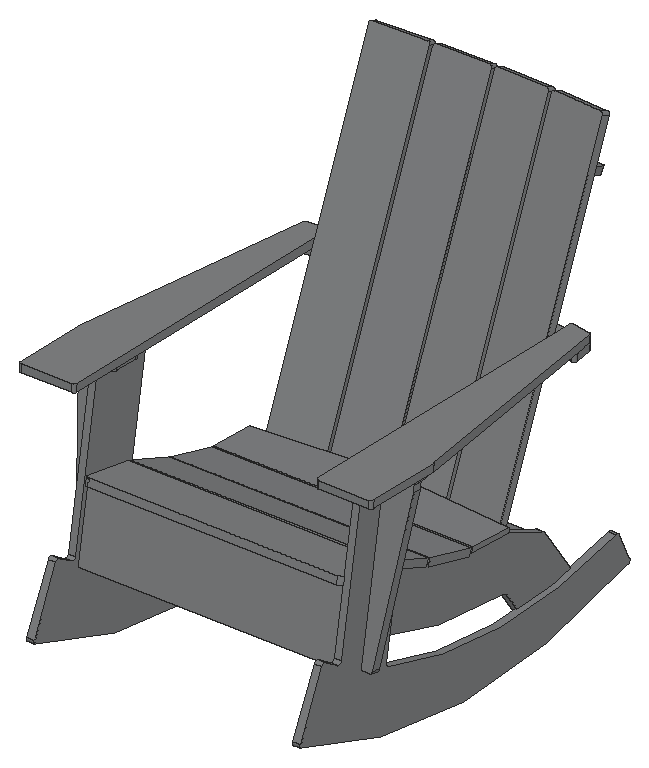
Revit family "Lollygagger Adirondack 4 Slat Rocker", category Furniture, Revit 2016 (continued)
Automatic sketch dimensions
  Masking region 2 sketch curve to Masking region 2 sketch curve = 2.80321"  (x2)
  Masking region 2 sketch curve to Masking region 2 sketch curve = 0.01062"  (x4)
  Masking region 2 sketch curve to Masking region 2 sketch curve = 3.04765"
  Masking region 2 sketch curve to Masking region 2 sketch curve = 0.00559"
  Masking region 2 sketch curve to Masking region 2 sketch curve = 1.37386"  (x2)
  Masking region 2 sketch curve to Masking region 2 sketch curve = 0.03479"  (x2)
  Masking region 2 sketch curve to Masking region 2 sketch curve = 0.05058"  (x2)
  Masking region 2 sketch curve to Masking region 2 sketch curve = 0.17851"  (x2)
  Masking region 2 sketch curve to Masking region 2 sketch curve = 0.05017"  (x2)
  Masking region 2 sketch curve to Masking region 2 sketch curve = 0.43314"  (x2)
  Masking region 2 sketch curve to Masking region 2 sketch curve = 1.85095"  (x2)
  Masking region 2 sketch curve to Masking region 2 sketch curve = 1.84517"
  Masking region 2 sketch curve to Masking region 2 sketch curve = 0.0002"
  Masking region 2 sketch curve to Masking region 2 sketch curve = 0.00564"
  Masking region 2 sketch curve to Masking region 2 sketch curve = 2.13584"  (x2)
  Masking region 2 sketch curve to Masking region 2 sketch curve = 0.00907"  (x2)
  Masking region 2 sketch curve to plane 6 = 2.07705"
  Masking region 2 sketch curve to Masking region 2 sketch curve = 0.00928"
  Masking region 2 sketch curve to Masking region 2 sketch curve = 0.17594"  (x2)
  Masking region 2 sketch curve to Masking region 2 sketch curve = 0.12588"  (x2)
  Masking region 2 sketch curve to plane 6 = 0.79076"  (x2)
  plane 6 to Masking region 2 sketch curve = 0.11073"
  Masking region 2 sketch curve to Masking region 2 sketch curve = 0.16313"  (x2)
  Masking region 2 sketch curve to Masking region 2 sketch curve = 0.0071"  (x2)
  Masking region 2 sketch curve to plane 6 = 0.56905"
  Masking region 2 sketch curve to Masking region 2 sketch curve = 0.0327"  (x2)
  Masking region 2 sketch curve to Masking region 2 sketch curve = 0.22932"
  Extrusion 33 sketch curve to plane 3 "Center Left/Right" = 0"
  Extrusion 33 sketch curve to plane 12 = 0"
  Extrusion 33 sketch curve to Extrusion 33 sketch curve = 55.16647"
  Extrusion 33 sketch curve to Extrusion 33 sketch curve = 3.8251"
  plane 13 to Extrusion 34 sketch curve = 5/8"
  Extrusion 34 sketch curve to Extrusion 34 sketch curve = 1/8"  (x2)
  Extrusion 34 sketch curve to plane 12 = 3/8"
  Extrusion 34 sketch curve to Extrusion 34 sketch curve = 2 13/16"
  plane 12 to Masking region 1 sketch curve = 0"
  Masking region 1 sketch curve to plane 11 = 0"  (x4)
  Masking region 1 sketch curve to plane 10 = 0"
  Masking region 1 sketch curve to level = 0"
  plane 8 to Masking region 1 sketch curve = 0"
  Masking region 1 sketch curve to plane 15 = 0"
  plane 4 to Masking region 1 sketch curve = 0"
  Masking region 1 sketch curve to Masking region 1 sketch curve = 0.18748"
  plane 9 to Masking region 1 sketch curve = 0.99309"
  Masking region 1 sketch curve to plane 12 = 97/128"
  Masking region 1 sketch curve to plane 12 = 0.97633"
  Masking region 1 sketch curve to Masking region 1 sketch curve = 0.21851"
  Masking region 1 sketch curve to Masking region 1 sketch curve = 0.3296"
  Masking region 1 sketch curve to Masking region 1 sketch curve = 4.27545"
  Masking region 1 sketch curve to plane 3 "Center Left/Right" = 5.17077"
  Masking region 1 sketch curve to Masking region 1 sketch curve = 0.24785"  (x2)
  Masking region 1 sketch curve to Masking region 1 sketch curve = 4.8529"
  plane 15 to Masking region 1 sketch curve = 0.00171"  (x4)
  Masking region 1 sketch curve to Masking region 1 sketch curve = 0.21955"  (x6)
  Masking region 1 sketch curve to Masking region 1 sketch curve = 0.02789"  (x2)
  Masking region 1 sketch curve to Masking region 1 sketch curve = 0.24975"  (x2)
  Masking region 1 sketch curve to plane 3 "Center Left/Right" = 0.36538"
  Masking region 1 sketch curve to plane 3 "Center Left/Right" = 0.11562"  (x2)
  Masking region 1 sketch curve to plane 3 "Center Left/Right" = 0.11554"
  Masking region 1 sketch curve to plane 3 "Center Left/Right" = 0.00007"  (x2)
  Masking region 1 sketch curve to plane 3 "Center Left/Right" = 0.01116"
  plane 3 "Center Left/Right" to Masking region 1 sketch curve = 0.11554"
  plane 3 "Center Left/Right" to Masking region 1 sketch curve = 0.11562"  (x2)
  Masking region 1 sketch curve to Masking region 1 sketch curve = 0.24984"
  Masking region 1 sketch curve to Masking region 1 sketch curve = 4.3082"
  Masking region 1 sketch curve to Masking region 1 sketch curve = 4.8356"
  Masking region 1 sketch curve to Masking region 1 sketch curve = 0"  (x15)
  plane 13 to Masking region 1 sketch curve = 1.30593"
  plane 13 to Masking region 1 sketch curve = 0.97633"  (x2)
  Masking region 1 sketch curve to Masking region 1 sketch curve = 0.24096"
  plane 13 to Masking region 1 sketch curve = 5/8"
  plane 13 to Masking region 1 sketch curve = 0.37121"
  Masking region 1 sketch curve to plane 8 = 0.78889"
  Masking region 1 sketch curve to Masking region 1 sketch curve = 0.24449"
  plane 4 to Masking region 1 sketch curve = 49/64"
  Masking region 1 sketch curve to Masking region 1 sketch curve = 0.57801"
  Masking region 1 sketch curve to Masking region 1 sketch curve = 1.96018"
  Masking region 1 sketch curve to Masking region 1 sketch curve = 1.9603"
  Masking region 1 sketch curve to Masking region 1 sketch curve = 0.14747"
  Masking region 1 sketch curve to Masking region 1 sketch curve = 0.18468"
  Masking region 1 sketch curve to Masking region 1 sketch curve = 7.37357"
  Masking region 1 sketch curve to Masking region 1 sketch curve = 0.05514"  (x2)
  Masking region 1 sketch curve to plane 15 = 6.84093"
  Masking region 1 sketch curve to plane 15 = 6.7858"
  Masking region 1 sketch curve to Masking region 1 sketch curve = 0.8038"
  Masking region 1 sketch curve to plane 15 = 0.69222"
  plane 10 to Masking region 1 sketch curve = 8.78201"
  Masking region 1 sketch curve to Masking region 1 sketch curve = 0.00196"  (x4)
  Masking region 1 sketch curve to Masking region 1 sketch curve = 0.0857"
  Masking region 1 sketch curve to Masking region 1 sketch curve = 0.08198"
  Masking region 1 sketch curve to Masking region 1 sketch curve = 1.36101"  (x2)
  Masking region 1 sketch curve to Masking region 1 sketch curve = 1.36102"
  Masking region 1 sketch curve to Masking region 1 sketch curve = 0.00372"  (x3)
  Masking region 1 sketch curve to Masking region 1 sketch curve = 3.4168"  (x2)
  Masking region 1 sketch curve to Masking region 1 sketch curve = 0.21383"  (x2)
  Masking region 1 sketch curve to Masking region 1 sketch curve = 0.00473"  (x2)
  Masking region 1 sketch curve to Masking region 1 sketch curve = 0.03617"  (x2)
  Masking region 1 sketch curve to Masking region 1 sketch curve = 3.86567"
  Masking region 1 sketch curve to Masking region 1 sketch curve = 0.2267"  (x2)
  Masking region 1 sketch curve to Masking region 1 sketch curve = 0.24348"  (x2)
  Masking region 1 sketch curve to Masking region 1 sketch curve = 0.42319"  (x2)
  Masking region 1 sketch curve to Masking region 1 sketch curve = 0.22231"
  Masking region 1 sketch curve to Masking region 1 sketch curve = 0.24759"
  plane 12 to Masking region 1 sketch curve = 0.00379"
  Masking region 1 sketch curve to Masking region 1 sketch curve = 0.23751"
  Masking region 1 sketch curve to Masking region 1 sketch curve = 0.00073"  (x2)
  Masking region 1 sketch curve to Masking region 1 sketch curve = 0.00043"  (x2)
  Masking region 1 sketch curve to Masking region 1 sketch curve = 0.23635"  (x3)
  Masking region 1 sketch curve to Masking region 1 sketch curve = 0.24831"  (x2)
  Masking region 1 sketch curve to Masking region 1 sketch curve = 0.00152"
  Masking region 1 sketch curve to Masking region 1 sketch curve = 0.00008"  (x2)
  Masking region 1 sketch curve to Masking region 1 sketch curve = 0.00144"
  Masking region 1 sketch curve to plane 13 = 0.00379"
  Masking region 1 sketch curve to Masking region 1 sketch curve = 1/4"
  Masking region 1 sketch curve to Masking region 1 sketch curve = 0.00071"
  Masking region 1 sketch curve to Masking region 1 sketch curve = 0.06425"
  Masking region 1 sketch curve to Masking region 1 sketch curve = 0.02471"  (x2)
  Masking region 1 sketch curve to Masking region 1 sketch curve = 0.23097"  (x2)
  Masking region 1 sketch curve to Masking region 1 sketch curve = 0.00025"  (x2)
  Masking region 3 sketch curve to plane 6 = 7.57349"
  Masking region 3 sketch curve to Masking region 3 sketch curve = 3.26526"
  Masking region 3 sketch curve to plane 6 = 2.95713"
  Masking region 3 sketch curve to Masking region 3 sketch curve = 0.26136"
  Masking region 3 sketch curve to Masking region 3 sketch curve = 0.21535"
  Masking region 3 sketch curve to Masking region 3 sketch curve = 1.1312"
  plane 10 to Masking region 3 sketch curve = 8.25367"
  Masking region 3 sketch curve to Masking region 3 sketch curve = 0.97412"
  Masking region 3 sketch curve to Masking region 3 sketch curve = 0.05583"
  Masking region 3 sketch curve to Masking region 3 sketch curve = 0.5199"
  plane 1 "Center Front/Back" to Masking region 3 sketch curve = 6.55904"
  plane 14 to Masking region 3 sketch curve = 3.42445"
  Masking region 3 sketch curve to Masking region 3 sketch curve = 0.12085"
  Masking region 3 sketch curve to Masking region 3 sketch curve = 0.96716"
  Masking region 3 sketch curve to Masking region 3 sketch curve = 0.21694"
  Masking region 3 sketch curve to Masking region 3 sketch curve = 0.04123"
  Masking region 3 sketch curve to Masking region 3 sketch curve = 0.12452"
  Masking region 3 sketch curve to Masking region 3 sketch curve = 0.40061"
  Masking region 3 sketch curve to Masking region 3 sketch curve = 0"  (x5)
  plane 14 to Masking region 3 sketch curve = 1.09544"
  Masking region 3 sketch curve to Masking region 3 sketch curve = 0.2462"  (x2)
  Masking region 3 sketch curve to plane 14 = 0.80418"
  Masking region 3 sketch curve to Masking region 3 sketch curve = 29/128"  (x3)
  plane 7 to Masking region 3 sketch curve = 0.22194"
  Masking region 3 sketch curve to plane 7 = 0.00463"
  Masking region 3 sketch curve to Masking region 3 sketch curve = 4.67927"
  Masking region 3 sketch curve to plane 1 "Center Front/Back" = 0.52052"
  Masking region 3 sketch curve to plane 1 "Center Front/Back" = 3.99488"
  Masking region 3 sketch curve to plane 6 = 2.10247"
  Masking region 3 sketch curve to plane 6 = 1.04076"
  level to Masking region 3 sketch curve = 9.25924"
  Masking region 3 sketch curve to Masking region 3 sketch curve = 0.10565"  (x4)
  Masking region 3 sketch curve to Masking region 3 sketch curve = 0.37333"
  Masking region 3 sketch curve to Masking region 3 sketch curve = 0.04341"  (x2)
  Masking region 3 sketch curve to Masking region 3 sketch curve = 2.25615"
  level to Masking region 3 sketch curve = 5.42473"
  level to Masking region 3 sketch curve = 4.32017"
  Masking region 3 sketch curve to Masking region 3 sketch curve = 2.27685"
  Masking region 3 sketch curve to Masking region 3 sketch curve = 9.41589"
  Masking region 3 sketch curve to Masking region 3 sketch curve = 3.8856"
  Masking region 3 sketch curve to plane 11 = 0"
  Masking region 4 sketch curve to Masking region 4 sketch curve = 0"  (x2)
  Masking region 4 sketch curve to plane 10 = 0"
  plane 14 to Masking region 4 sketch curve = 1.8248"
  Masking region 4 sketch curve to Masking region 4 sketch curve = 0.10708"
  Masking region 4 sketch curve to Masking region 4 sketch curve = 0.17887"
  Masking region 4 sketch curve to Masking region 4 sketch curve = 0.18032"
  plane 14 to Masking region 4 sketch curve = 6.06975"
  Masking region 4 sketch curve to Masking region 4 sketch curve = 4.91171"
  Masking region 4 sketch curve to Masking region 4 sketch curve = 3.77596"
  Masking region 4 sketch curve to Masking region 4 sketch curve = 0.13316"
  Masking region 4 sketch curve to Masking region 4 sketch curve = 0.15904"
  Masking region 4 sketch curve to Masking region 4 sketch curve = 0.15088"  (x2)
  Masking region 4 sketch curve to Masking region 4 sketch curve = 0.23636"
  Masking region 4 sketch curve to plane 1 "Center Front/Back" = 0.32976"
  Masking region 4 sketch curve to Masking region 4 sketch curve = 0.11136"
  Masking region 4 sketch curve to Masking region 4 sketch curve = 0.16892"
  Masking region 4 sketch curve to Masking region 4 sketch curve = 0.23543"
  Masking region 4 sketch curve to plane 1 "Center Front/Back" = 3.99488"
  Masking region 4 sketch curve to plane 1 "Center Front/Back" = 4 7/256"
  Masking region 4 sketch curve to Masking region 4 sketch curve = 0.20479"
  Masking region 4 sketch curve to Masking region 4 sketch curve = 4.31192"
  Masking region 4 sketch curve to Masking region 4 sketch curve = 1.21882"
  Masking region 4 sketch curve to Masking region 4 sketch curve = 1.16755"
  Masking region 4 sketch curve to Masking region 4 sketch curve = 1.92378"
  Masking region 4 sketch curve to Masking region 4 sketch curve = 0.09567"
  Masking region 4 sketch curve to Masking region 4 sketch curve = 0.10912"
  Masking region 4 sketch curve to plane 6 = 7.57349"
  Masking region 4 sketch curve to Masking region 4 sketch curve = 43/256"
  Masking region 4 sketch curve to Masking region 4 sketch curve = 0.61674"
  Masking region 4 sketch curve to Masking region 4 sketch curve = 0.14549"
  Masking region 4 sketch curve to plane 15 = 1.42014"
  Masking region 4 sketch curve to Masking region 4 sketch curve = 0.11116"
  Masking region 4 sketch curve to Masking region 4 sketch curve = 0.27939"
  Masking region 4 sketch curve to Masking region 4 sketch curve = 0.04829"
  Masking region 4 sketch curve to Masking region 4 sketch curve = 2.82215"
  Masking region 4 sketch curve to plane 15 = 0.72733"
  Masking region 4 sketch curve to Masking region 4 sketch curve = 0.37638"
  Masking region 4 sketch curve to Masking region 4 sketch curve = 1.603"
  Masking region 4 sketch curve to Masking region 4 sketch curve = 0.30057"
  Masking region 4 sketch curve to Masking region 4 sketch curve = 0.50481"
  Masking region 4 sketch curve to plane 6 = 2.95713"
  Masking region 4 sketch curve to Masking region 4 sketch curve = 0.26136"
  Masking region 4 sketch curve to Masking region 4 sketch curve = 0.21535"
  Masking region 4 sketch curve to Masking region 4 sketch curve = 0.48942"
  Masking region 4 sketch curve to Masking region 4 sketch curve = 0.85077"
  Masking region 4 sketch curve to plane 6 = 1.56378"
  Masking region 4 sketch curve to Masking region 4 sketch curve = 0.12588"
  Masking region 4 sketch curve to plane 6 = 0.19553"
  Masking region 4 sketch curve to plane 6 = 0.12648"
  Masking region 4 sketch curve to plane 6 = 0.11017"
  plane 6 to Masking region 4 sketch curve = 0.11073"
  Masking region 4 sketch curve to Masking region 4 sketch curve = 0.11573"
  Masking region 4 sketch curve to Masking region 4 sketch curve = 0.1164"
  Masking region 4 sketch curve to plane 15 = 6.7858"
  Masking region 4 sketch curve to Masking region 4 sketch curve = 0.03136"
  Masking region 4 sketch curve to Masking region 4 sketch curve = 0.93794"
  Masking region 4 sketch curve to Masking region 4 sketch curve = 1.53546"
  Masking region 4 sketch curve to Masking region 4 sketch curve = 0.07615"
  Masking region 4 sketch curve to Masking region 4 sketch curve = 0.01385"
  Masking region 4 sketch curve to Masking region 4 sketch curve = 1.05126"
  Masking region 4 sketch curve to Masking region 4 sketch curve = 0.83648"
  Masking region 4 sketch curve to Masking region 4 sketch curve = 0.08758"
  Masking region 4 sketch curve to Masking region 4 sketch curve = 5.41125"
  Masking region 4 sketch curve to Masking region 4 sketch curve = 3.8538"
  Masking region 4 sketch curve to Masking region 4 sketch curve = 0.14339"
  level to Masking region 4 sketch curve = 4 35/64"
  Masking region 4 sketch curve to Masking region 4 sketch curve = 1.74065"
  plane 10 to Masking region 4 sketch curve = 8.05094"
  Masking region 4 sketch curve to Masking region 4 sketch curve = 0.20273"
  Masking region 4 sketch curve to Masking region 4 sketch curve = 0.73106"
  Masking region 4 sketch curve to Masking region 4 sketch curve = 0.97412"
  Masking region 4 sketch curve to Masking region 4 sketch curve = 0.57823"
  Masking region 4 sketch curve to Masking region 4 sketch curve = 3.46226"
  Masking region 4 sketch curve to Masking region 4 sketch curve = 0.23524"
  Masking region 4 sketch curve to Masking region 4 sketch curve = 0.56248"
  Masking region 4 sketch curve to Masking region 4 sketch curve = 0.21846"
  Masking region 4 sketch curve to Masking region 4 sketch curve = 0.09092"
  Masking region 4 sketch curve to Masking region 4 sketch curve = 0.48659"
  plane 15 to Masking region 4 sketch curve = 0.08143"
  Masking region 4 sketch curve to Masking region 4 sketch curve = 0.04226"
  plane 15 to Masking region 4 sketch curve = 0.08107"
  curve 31 to plane 11 = 0"
  curve 30 to plane 11 = 0"
  curve 77 to plane 10 = 0"
  curve 34 to plane 15 = 0"
  curve 74 to plane 15 = 0"
  curve 73 to plane 15 = 0"
  curve 70 to plane 15 = 0"
  curve 65 to plane 15 = 0"
  plane 14 to curve 26 = 3.04776"
  curve 26 to curve 27 = 0.61528"
  plane 14 to curve 28 = 4.81114"
  curve 28 to curve 28 = 3 1/4"
  plane 1 "Center Front/Back" to curve 82 = 4.12757"
  curve 82 to plane 1 "Center Front/Back" = 0.48064"
  curve 81 to curve 85 = 4.20628"
  curve 81 to curve 85 = 0.10085"
  curve 76 to plane 15 = 1.29942"
  curve 76 to plane 6 = 7.52509"
  curve 74 to plane 15 = 0.48983"
  curve 75 to curve 74 = 0.20494"
  curve 76 to plane 15 = 1.53654"
  curve 75 to curve 76 = 0.57246"
  curve 73 to plane 15 = 0.72695"
  curve 75 to curve 73 = 0.57246"
  curve 70 to plane 15 = 0.72697"
  curve 73 to curve 70 = 0.38877"
  curve 65 to plane 15 = 0.72733"
  curve 70 to curve 65 = 0.23008"
  curve 63 to plane 6 = 2.12331"
  curve 61 to curve 62 = 0.2417"
  curve 32 to plane 6 = 0.99132"
  curve 82 to plane 15 = 9.75009"
  curve 81 to curve 82 = 1.21292"
  curve 81 to curve 81 = 0.24742"
  curve 85 to curve 81 = 0.04178"
  level to curve 26 = 7.21187"
  curve 29 to curve 26 = 0.10978"
  plane 10 to curve 62 = 8.89056"
  curve 63 to curve 32 = 4.87543"
  curve 28 to curve 26 = 0.72441"
  curve 26 to curve 27 = 0.63464"
  curve 83 to curve 82 = 3.98659"
  curve 35 to curve 35 = 0.20069"
  curve 35 to curve 34 = 0.57246"
  curve 34 to curve 84 = 2.81524"
  curve 77 to curve 34 = 0.15292"
  curve 75 to curve 75 = 0.1237"
  curve 34 to curve 74 = 0.1313"
  curve 75 to plane 11 = 0.30644"
  curve 72 to curve 71 = 0.14137"  (x2)
  curve 71 to curve 68 = 0.05974"
  curve 77 to curve 32 = 0.67068"
  curve 68 to curve 68 = 0.05723"
  curve 73 to curve 72 = 0.1237"
  curve 71 to curve 70 = 0.1237"
  curve 75 to curve 73 = 0.40901"
  curve 71 to curve 64 = 0.39055"
  plane 15 to curve 72 = 0.08144"
  curve 66 to curve 64 = 0.08371"
  curve 67 to curve 67 = 0.00617"
  curve 66 to curve 66 = 0.05727"
  curve 67 to curve 66 = 0"
  plane 15 to curve 71 = 0.08143"
  curve 65 to curve 64 = 0.04226"
  curve 71 to curve 70 = 0.08395"
  curve 70 to curve 65 = 0.23555"
  curve 32 to curve 77 = 0.93232"
  plane 15 to curve 64 = 0.08106"
  curve 65 to curve 64 = 0.07654"
  curve 80 to curve 63 = 0.54216"
  curve 80 to curve 80 = 0.18505"
  curve 86 to curve 79 = 0.24004"
  curve 59 to curve 61 = 0.20257"
  curve 59 to curve 59 = 0.05909"
  curve 63 to curve 63 = 0.21615"
  curve 59 to curve 57 = 0.38859"
  curve 57 to curve 57 = 0.0064"
  curve 57 to curve 33 = 0.03783"
  curve 33 to curve 57 = 0.02803"
  curve 58 to curve 57 = 0"
  curve 63 to curve 62 = 0.24204"
  curve 33 to curve 56 = 0.07092"
  curve 63 to curve 79 = 0.27754"
  curve 79 to curve 61 = 0.00983"
  curve 56 to curve 56 = 0.04123"
  curve 62 to curve 33 = 0.23333"
  curve 61 to curve 56 = 0.39507"
  curve 32 to curve 78 = 0.03021"
  curve 78 to curve 78 = 0.09567"
  curve 82 to curve 83 = 1.55559"
  curve 71 to curve 69 = 0.32309"
  curve 66 to curve 64 = 0.3508"
  curve 57 to curve 61 = 0.4626"
  curve 58 to curve 59 = 0.01605"
  curve 57 to curve 33 = 0.04869"
  curve 33 to curve 56 = 0.13706"
  curve 33 to curve 62 = 0.09572"
  curve 62 to curve 63 = 0.09929"
  curve 86 to curve 79 = 0"
  radius of Extrusion 22 sketch curve = 0.15501"
  radius of Extrusion 23 sketch curve = 0.15501"
  radius of Extrusion 36 sketch curve = 0.15441"
  radius of Extrusion 37 sketch curve = 0.14956"
  radius of Extrusion 39 sketch curve = 0.15441"
  radius of Extrusion 40 sketch curve = 0.14956"
  radius of Extrusion 42 sketch curve = 0.15536"
  radius of Extrusion 43 sketch curve = 0.14964"
  radius of Extrusion 45 sketch curve = 0.15536"
  radius of Extrusion 46 sketch curve = 0.14964"
  radius of Extrusion 15 sketch curve = 0.15505"
  radius of Extrusion 16 sketch curve = 0.15505"
  radius of Extrusion 19 sketch curve = 0.15472"
  radius of Extrusion 20 sketch curve = 0.15472"
  radius of Extrusion 21 sketch curve = 0.15472"
  radius of Extrusion 24 sketch curve = 0.15386"
  radius of Extrusion 25 sketch curve = 0.15521"
  radius of Extrusion 26 sketch curve = 0.15521"
  radius of Extrusion 27 sketch curve = 0.15471"
  radius of Extrusion 28 sketch curve = 0.15471"
  radius of Extrusion 29 sketch curve = 0.15572"
  radius of Extrusion 30 sketch curve = 0.15572"
  radius of Extrusion 31 sketch curve = 0.15482"
  radius of Extrusion 32 sketch curve = 0.15482"
Types (11): name | Finish Material
  Loll-Black | Loll-Black
  Loll-Sunset | Loll-Sunset
  Loll-Chocolate | Loll-Chocolate
  Loll-Sky | Loll-Sky
  Loll-Apple | Loll-Apple
  Loll-Leaf | Loll-Leaf
  Loll-Evergreen | Loll-Evergreen
  Loll-Charcoal | Loll-Charcoal
  Loll-Sand | Loll-Sand
  Loll-Navy Blue | Loll-Navy Blue
  Loll-White | Loll-White
